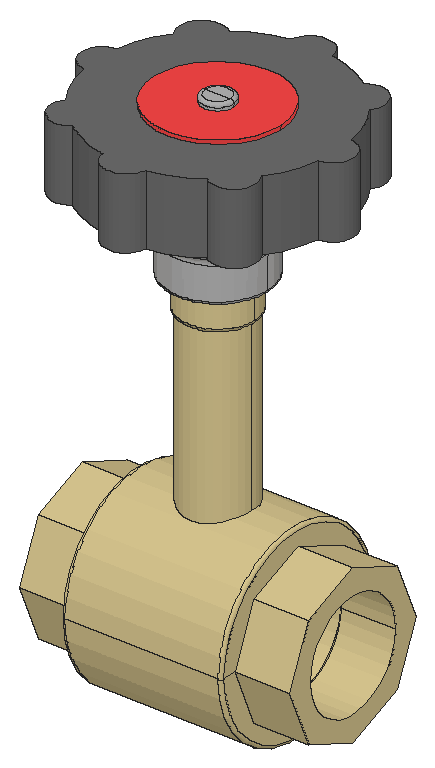
Revit family "QD30850000", category Apparecchi idraulici, Revit 2016
Family settings
  Tipo di parte = Normale
  Quota connettore circolare = Usa diametro
  Numero OmniClass = 23.45.00.00
  Titolo OmniClass = Sanitary, Laundry, and Cleaning Equipment
  Basato su piano di lavoro = No
  Sempre verticale = Sì
  Taglio con vuoti quando caricato = No
  Condiviso = No
  Punto di calcolo locali = No
Parameters
  URL = "https://web.cimberio.it/index.php/figura/1636?subcategoria_id=102"
  Produttore = "CIMBERIO SPA"
  DN Model [instance] = QD30851032 : QD30851032
  DN [instance] = 32 mm
Reference planes
  plane 1 "Centro (Fronte/Retro)": y = 0
  plane 2: z = 0
  plane 3 "Centro (Sinistra/Destra)": x = 0
Dimensions and locks
  aligned and locked: level to plane 2
Nested families
  nested 1: "QD30851032" at (0, 0, 0), type <- "DN Model", type "QD30851032"
    with DN 10 mm
  nested 2: "QD30851032" at (0, 0, 0), type <- "DN Model", type "QD30851032"
    with DN 10 mm
  nested 3: "QD30851032" at (0, 0, 0), type <- "DN Model", type "QD30851032"
    with DN 10 mm
  nested 4: "QD30851032" at (0, 0, 0), type <- "DN Model", type "QD30851032"
    with DN 10 mm
  nested 5: "QD30851032" at (0, 0, 0), type <- "DN Model", type "QD30851032"
    with DN 10 mm
  nested 6: "QD30851032" at (0, 0, 0), type <- "DN Model", type "QD30851032"
    with DN 10 mm
Connectors
  piping at (40.35, 0, 0), diameter 32, driven by "DN"
    settings: on nested 1, index 1, connector inside diameter 609.6 mm, connector length 0 mm, flow factor 0, pipe flow 0.0 L/s, pressure drop 0.0 Pa, fitting loss kfactor 0, connector angle 0.00°, fixture units 0, engagement length 0 mm, angle of deflection 0.00°, flow configuration 0, flow direction 0, fitting loss method 0, system type 7, joint type 0, gender type 0, connector reference index -1, connector utility 0, adjustable connector no, is connector primary yes, connector description ""
  piping at (-40.35, 0, 0), diameter 32, driven by "DN"
    settings: on nested 1, index 2, connector inside diameter 609.6 mm, connector length 0 mm, flow factor 0, pipe flow 0.0 L/s, pressure drop 0.0 Pa, fitting loss kfactor 0, connector angle 0.00°, fixture units 0, engagement length 0 mm, angle of deflection 0.00°, flow configuration 0, flow direction 0, fitting loss method 0, system type 7, joint type 0, gender type 0, connector reference index -1, connector utility 0, adjustable connector no, is connector primary no, connector description ""
Definition of nested family "QD30851032"
  Parameters (values of type "QD30851032")
    DN [instance] = 10 mm  # constant formula
  Reference planes
    plane 1 "Centro (Fronte/Retro)": y = 0
    plane 2: z = 0
    plane 3 "Centro (Sinistra/Destra)": x = 0
  Forms (mm)
    Revolve 1, solid
      sketch origin (0, 0, 0) x (1, 0, 0) y (0, 1, 0)
        loop
          arc (23.85, 27.5) -> (23.557, 28.207) -> (22.85, 28.5) r 1
          line (22.85, 28.5) -> (-22.85, 28.5)
          arc (-22.85, 28.5) -> (-23.557, 28.207) -> (-23.85, 27.5) r 1
          line (-23.85, 27.5) -> (-23.85, 16) -> (23.85, 16) -> (23.85, 27.5)
        axis (-23.85, 0) -> (23.85, 0)
      angle from 0 to 360
    Revolve 2, solid
      sketch origin (0, 0, 18.5) x (1, 0, 0) y (0, 0, 1)
        loop
          line (0, 69) -> (0, -1.967) -> (10.25, -1.967) -> (10.25, 60)
          arc (10.25, 60) -> (10.783, 60.251) -> (11, 60.798) r 0.8
          line (11, 60.798) -> (11, 69) -> (0, 69)
        axis (0, 69) -> (0, -1.967)
      angle from 0 to 360
    Extrusion 3, solid
      sketch origin (0, 0, 18.5) x (1, 0, 0) y (0, 0, 1)
        loop
          line (-16.001, 69) -> (-16.001, 63.767)
          arc (-16.001, 63.767) -> (-15.794, 63.159) -> (-15.26, 62.801) r 1
          line (-15.26, 62.801) -> (-9.887, 61.362) -> (-9.887, 69) -> (-16.001, 69)
      from 0 to 1.289
    Extrusion 4, solid
      sketch origin (0, 0, 47.05) x (1, 0, 0) y (0, 1, 0)
        loop
          line (5.202, 9.01) -> (-5.202, 9.01) -> (-10.404, 0) -> (-5.202, -9.01) -> (5.202, -9.01) -> (10.404, 0) -> (5.202, 9.01)
      from 40.45 to 48.35
    Extrusion 5, solid
      sketch origin (-11, 0, 0) x (0, 0, 1) y (0, 1, 0)
        loop
          circle (0, 0) r 16
        loop
          line (23.5, 0) -> (16.617, 16.617) -> (0, 23.5) -> (-16.617, 16.617) -> (-23.5, 0) -> (-16.617, -16.617) -> (0, -23.5) -> (16.617, -16.617) -> (23.5, 0)
      from 12.85 to 29.35
    Extrusion 6, solid
      sketch origin (11, 0, 0) x (0, 0, 1) y (0, -1, 0)
        loop
          circle (0, 0) r 16
        loop
          line (23.5, 0) -> (16.617, 16.617) -> (0, 23.5) -> (-16.617, 16.617) -> (-23.5, 0) -> (-16.617, -16.617) -> (0, -23.5) -> (16.617, -16.617) -> (23.5, 0)
      from 12.85 to 29.35
    Revolve 7, solid
      sketch origin (0, 0, 84.311) x (1, 0, 0) y (0, 0, 1)
        loop
          line (0, 51.8) -> (0, 50.016) -> (4.75, 50.016) -> (4.75, 50.8)
          arc (4.75, 50.8) -> (4.457, 51.507) -> (3.75, 51.8) r 1
          line (3.75, 51.8) -> (0, 51.8)
        axis (0, 51.8) -> (0, 50.016)
      angle from 0 to 360
    Revolve 8, solid
      sketch origin (0, 0, 70.65) x (1, 0, 0) y (0, 0, 1)
        loop
          line (-27.4, 41.466) -> (-15.732, 29.798)
          arc (-15.732, 29.798) -> (-15.167, 28.928) -> (-15.003, 27.903) r 2.5
          line (-15.003, 27.903) -> (-14.909, 18.07)
          arc (-14.909, 18.07) -> (-14.758, 17.713) -> (-14.4, 17.566) r 0.509
          line (-14.4, 17.566) -> (0, 17.566) -> (0, 41.466) -> (-27.4, 41.466)
        axis (0, 17.566) -> (0, 41.466)
      angle from 0 to 360
    Extrusion 9, solid
      sketch origin (0, 0, 99.2) x (1, 0, 0) y (0, 1, 0)
        loop
          arc (-6.371, 34.924) -> (-13.585, 32.798) -> (-20.19, 29.2) r 35.5
          arc (-20.19, 29.2) -> (-28.638, 28.638) -> (-29.2, 20.19) r 6.428
          arc (-29.2, 20.19) -> (-32.798, 13.585) -> (-34.924, 6.371) r 35.5
          arc (-34.924, 6.371) -> (-40.5, 0) -> (-34.924, -6.371) r 6.428
          arc (-34.924, -6.371) -> (-32.798, -13.585) -> (-29.2, -20.19) r 35.5
          arc (-29.2, -20.19) -> (-28.638, -28.638) -> (-20.19, -29.2) r 6.428
          arc (-20.19, -29.2) -> (-13.585, -32.798) -> (-6.371, -34.924) r 35.5
          arc (-6.371, -34.924) -> (0, -40.5) -> (6.371, -34.924) r 6.428
          arc (6.371, -34.924) -> (13.585, -32.798) -> (20.19, -29.2) r 35.5
          arc (20.19, -29.2) -> (28.638, -28.638) -> (29.2, -20.19) r 6.428
          arc (29.2, -20.19) -> (32.798, -13.585) -> (34.924, -6.371) r 35.5
          arc (34.924, -6.371) -> (40.5, 0) -> (34.924, 6.371) r 6.428
          arc (34.924, 6.371) -> (32.798, 13.585) -> (29.2, 20.19) r 35.5
          arc (29.2, 20.19) -> (28.638, 28.638) -> (20.19, 29.2) r 6.428
          arc (20.19, 29.2) -> (13.585, 32.798) -> (6.371, 34.924) r 35.5
          arc (6.371, 34.924) -> (0, 40.5) -> (-6.371, 34.924) r 6.428
      from 12.916 to 34.016
    Extrusion 10, solid
      sketch origin (0, 0, 99.2) x (1, 0, 0) y (0, 1, 0)
        loop
          circle (0, 0) r 18.828
      from 34.016 to 35.127
  Dimensions and locks
    aligned and locked: level to plane 2
